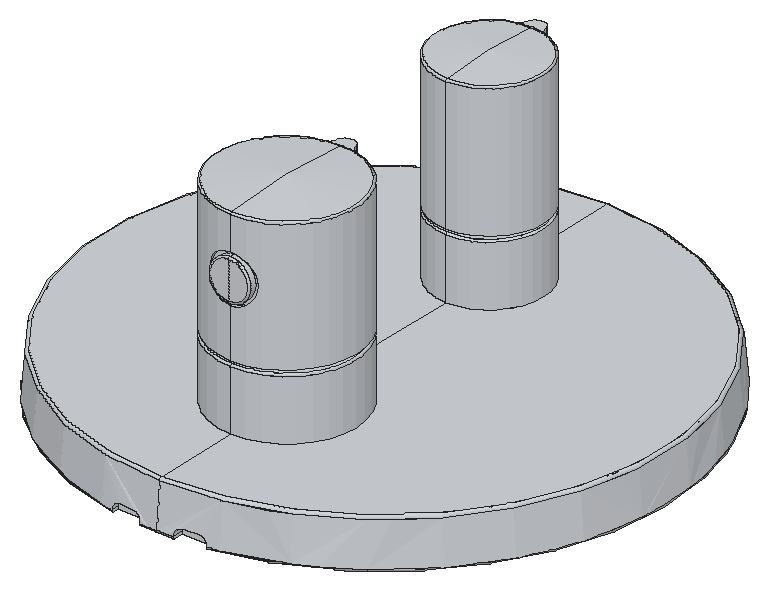
Revit family "Shower-Valve_Trim-KOHLER-AutoSense-K-20741IN", category Specialty Equipment, host Face, Revit 2017
Family settings
  Host = Face
  Round Connector Dimension = Use Diameter
  Part Type = Normal
  OmniClass Number = 23.31.25.00
  OmniClass Title = Toilet and Bath Specialties
  Cut with Voids When Loaded = No
  Shared = No
  Room Calculation Point = No
Parameters (values of type "CP- Polished Chrome")
  Width = 7 11/128"  # constant formula
  WaterSense Certified = 1 = 0  # no
  URL = "https://www.kohler.co.in/"
  Type = 5
  Product Page URL = "https://www.kohler.co.in/product-detail/20741in-9fp?skuid=K-20741IN-9FP-CP"
  Product Name = "AutoSense"  # constant formula
  Product Documentation Link = ""
  Model = if(Type = 1, "K-20741IN-9FP-AF", if(Type = 2, "K-20741IN-9FP-BL", if(Type = 3, "K-20741IN-9FP-BN", if(Type = 4, "K-20741IN-9FP-BV", if(Type = 5, "K-20741IN-9FP-CP", if(Type = 6, "K-20741IN-9FP-RGD", "NA"))))))  # "K-20741IN-9FP-CP"
  Material = "Premium Metal Construction"  # constant formula
  Master Format 2014 Name = "Toilet, Bath, and Laundry Accessories"  # constant formula
  Master Format 2014 = "10 28 00"  # constant formula
  Manufacturer Address = "Ambience Office Tower NH-8 Gurgaon / Gurugram Haryana , 122001"  # constant formula
  Manufacturer = "KOHLER Co."  # constant formula
  Length = 3 7/64"  # constant formula
  Height = 7 11/128"  # constant formula
  Finish = Kohler-Metal-CP-Polished_Chrome
  Environmental Product Declaration = ""
  Description = "Thermostatic recessed bath & shower trim"  # constant formula
  Default Elevation = 42"
  Declare Label = ""
  Date Modified = "09/16/2020"  # constant formula
  Date Created = "09/16/2020"  # constant formula
  Copyright = "Copyright KOHLER Co."  # constant formula
  Contact Us = "https://www.kohler.co.in/contact-us"
  Assembly Code = "C1030200"
  ADA Compliant = 1 = 0  # no
Types (7): name | Type | Product Page URL | Model | Finish
  (no name) | 5 | "https://www.kohler.co.in/product-detail/20741in-9fp?skuid=K-20741IN-9FP-CP" | "K-20741IN-9FP-CP" | Kohler-Metal-CP-Polished_Chrome
  AF-French Gold | 1 | "https://www.kohler.co.in/product-detail/20741in-9fp?skuid=K-20741IN-9FP-AF" | "K-20741IN-9FP-AF" | Kohler-Metal-AF-Vibrant_French_Gold
  BL- Matte Black | 2 | "" | "K-20741IN-9FP-BL" | Kohler-Metal-BL-Matte_Black
  BN-Brushed Nickel | 3 | "https://www.kohler.co.in/product-detail/20741in-9fp?skuid=K-20741IN-9FP-BN" | "K-20741IN-9FP-BN" | Kohler-Metal-BN-Vibrant_Brushed_Nickel
  BV- Brushed Bronze | 4 | "https://www.kohler.co.in/product-detail/20741in-9fp?skuid=K-20741IN-9FP-BV" | "K-20741IN-9FP-BV" | Kohler-Metal-BV-Brushed_Bronze
  CP- Polished Chrome | 5 | "https://www.kohler.co.in/product-detail/20741in-9fp?skuid=K-20741IN-9FP-CP" | "K-20741IN-9FP-CP" | Kohler-Metal-CP-Polished_Chrome
  RGD-Rose Gold | 6 | "https://www.kohler.co.in/product-detail/20741in-9fp?skuid=K-20741IN-9FP-RGD" | "K-20741IN-9FP-RGD" | Kohler-Metal-RGD-Polished_Rose_Gold
Reference planes (in)
  plane 1 "Center (Front/Back)": y = 0
  plane 2: z = 0
  plane 3 "Center (Left/Right)": x = 0
  plane 4: x = -3.54331
  plane 5: x = 3.54263
  plane 6: y = 3.54331
  plane 7: y = -3.54263
  plane 8: z = 3.10938
  plane 9: y = -1.5179
  plane 10: y = 1.63171
  plane 11: y = 2.45848
  plane 12: y = -0.49428
  plane 13: y = -2.38404
  plane 14: y = 0.96241
  plane 15: z = 0.59055
Dimensions and locks (in)
  "Width": plane 4 to plane 5
  "Height": plane 6 to plane 7
  "Length": host face to plane 8
  aligned and locked: plane 2 to host face
  aligned and locked: level to host face
Automatic sketch dimensions
  host sketch curve to host sketch curve = 96"  (x2)
Nested families (in)
  nested 1: "K-20741IN" at (0, 0, 0), type "K-20741IN"
Definition of nested family "K-20741IN"
  Parameters (values of type "K-20741IN")
    Material = none
  Reference planes (in)
    plane 1 "Center (Front/Back)": y = 0
    plane 2: z = 0
    plane 3 "Center (Left/Right)": x = 0
    plane 4: y = 3.54331
    plane 5: y = -3.54331
    plane 6: y = -1.5179
    plane 7: y = 1.63171
    plane 8: z = 3.11024
    plane 9: y = -0.49428
    plane 10: y = 2.45848
    plane 11: x = 3.54331
    plane 12: x = -3.54331
    plane 13: z = 0.59055
    plane 14: y = 0.96241
    plane 15: y = -2.38404
  Forms (in)
    Revolve 1, solid, material <- "Material", detail levels medium+fine
      sketch origin (0, 0, 0) x (0, 1, 0) y (0, 0, 1)
        loop
          line (0, 0) -> (3.52187, 0)
          arc (3.52187, 0) -> (3.53635, 0.00637) -> (3.54144, 0.02135) r 0.01964
          line (3.54144, 0.02135) -> (3.4947, 0.55553)
          arc (3.4947, 0.55553) -> (3.4824, 0.58047) -> (3.45648, 0.59055) r 0.03837
          line (3.45648, 0.59055) -> (0, 0.59055) -> (0, 0)
        axis (0, 0.59055) -> (0, 0)
      angle from 0 to 360
    Revolve 2, solid, material <- "Material", detail levels medium+fine
      sketch origin (0, 0, 0) x (0, 1, 0) y (0, 0, 1)
        loop
          line (-1.5179, 0.59055) -> (-1.5179, 3.11024)
          arc (-1.5179, 3.11024) -> (-1.94202, 3.09452) -> (-2.36471, 3.05625) r 7.9725
          arc (-2.36471, 3.05625) -> (-2.37874, 3.04894) -> (-2.38436, 3.03416) r 0.02224
          line (-2.38436, 3.03416) -> (-2.38436, 1.40945) -> (-2.29325, 1.40945) -> (-2.29325, 1.36209) -> (-2.36167, 1.36209)
          arc (-2.36167, 1.36209) -> (-2.37771, 1.35545) -> (-2.38436, 1.3394) r 0.02269
          line (-2.38436, 1.3394) -> (-2.38436, 0.59055) -> (-1.5179, 0.59055)
        axis (-1.5179, 0.59055) -> (-1.5179, 3.11024)
      angle from 0 to 360
    Revolve 3, solid, material <- "Material", detail levels medium+fine
      sketch origin (0, 0, 0) x (0, 1, 0) y (0, 0, 1)
        loop
          line (1.63171, 0.59055) -> (1.63171, 3.11024)
          arc (1.63171, 3.11024) -> (1.3062, 3.10675) -> (0.98217, 3.07551) r 3.81189
          arc (0.98217, 3.07551) -> (0.96798, 3.06782) -> (0.96232, 3.0527) r 0.02304
          line (0.96232, 3.0527) -> (0.96232, 1.40945) -> (1.05269, 1.40945) -> (1.05269, 1.3622) -> (0.98435, 1.3622) -> (0.96232, 1.34017) -> (0.96232, 0.59055) -> (1.63171, 0.59055)
        axis (1.63171, 3.11024) -> (1.63171, 0.59055)
      angle from 0 to 360
    Sweep 4, solid, material <- "Material", detail levels medium+fine
      path origin (0, 0, 0) x (0, 1, 0) y (0, 0, 1)
        loop
          line (2.45848, 3.06349) -> (2.45848, 2.01568)
          arc (2.45848, 2.01568) -> (2.43688, 1.90931) -> (2.3755, 1.8198) r 0.2727
          arc (2.3755, 1.8198) -> (2.32217, 1.74903) -> (2.29308, 1.66534) r 0.28585
      profile origin (0, 2.45848, 2.53959) x (1, 0, 0) y (0, 1, 0)
        loop
          arc (0.11494, -0.09321) -> (-0.00019, 0.00065) -> (-0.11533, -0.09321) r 0.11754
          arc (-0.11533, -0.09321) -> (-0.14662, -0.15742) -> (-0.20491, -0.19871) r 0.14407
          line (-0.20491, -0.19871) -> (0.20491, -0.19871)
          arc (0.20491, -0.19871) -> (0.14662, -0.15742) -> (0.11494, -0.09321) r 0.14407
    Sweep 5, solid, material <- "Material", detail levels medium+fine
      path origin (0, 0, 0) x (0, 1, 0) y (0, 0, 1)
        loop
          line (-0.49428, 3.04302) -> (-0.49428, 2.02014)
          arc (-0.49428, 2.02014) -> (-0.51584, 1.91437) -> (-0.57707, 1.82547) r 0.27026
          arc (-0.57707, 1.82547) -> (-0.63178, 1.75065) -> (-0.65789, 1.66171) r 0.26936
      profile origin (0, -0.49428, 2.53158) x (1, 0, 0) y (0, 1, 0)
        loop
          arc (-0.11868, -0.10354) -> (-0.14331, -0.15702) -> (-0.19399, -0.18699) r 0.09882
          line (-0.19399, -0.18699) -> (0.19399, -0.18699)
          arc (0.19399, -0.18699) -> (0.14338, -0.14701) -> (0.11432, -0.08943) r 0.14951
          arc (0.11432, -0.08943) -> (-0.008, -0.00021) -> (-0.11868, -0.10354) r 0.11884
    Revolve 6, solid, material <- "Material", detail levels medium+fine
      sketch origin (0, 0, 0) x (0, 1, 0) y (0, 0, 1)
        loop
          line (-2.14276, 2.31496) -> (-2.14276, 2.57116) -> (-2.39426, 2.57116)
          arc (-2.39426, 2.57116) -> (-2.4082, 2.56538) -> (-2.41398, 2.55144) r 0.01972
          line (-2.41398, 2.55144) -> (-2.41398, 2.31496) -> (-2.14276, 2.31496)
        axis (-2.41398, 2.31496) -> (-2.14276, 2.31496)
      angle from 0 to 360
    Extrusion 7, void, detail levels medium+fine
      sketch origin (0, 0, 0) x (1, 0, 0) y (0, 0, 1)
        loop
          circle (0, 2.31978) r 0.30043
      from 2.32308 to 2.94318
    Extrusion 8, void, detail levels medium+fine
      sketch origin (0, 0, 0) x (1, 0, 0) y (0, 0, 1)
        loop
          line (-0.58293, 0) -> (-0.20934, 0) -> (-0.20934, 0.03686)
          arc (-0.20934, 0.03686) -> (-0.23912, 0.10875) -> (-0.31101, 0.13853) r 0.10167
          line (-0.31101, 0.13853) -> (-0.48207, 0.13853)
          arc (-0.48207, 0.13853) -> (-0.55339, 0.10899) -> (-0.58293, 0.03767) r 0.10086
          line (-0.58293, 0.03767) -> (-0.58293, 0)
        loop
          line (0.58293, 0) -> (0.58293, 0.03767)
          arc (0.58293, 0.03767) -> (0.55339, 0.10899) -> (0.48207, 0.13853) r 0.10086
          line (0.48207, 0.13853) -> (0.31101, 0.13853)
          arc (0.31101, 0.13853) -> (0.23912, 0.10875) -> (0.20934, 0.03686) r 0.10167
          line (0.20934, 0.03686) -> (0.20934, 0) -> (0.58293, 0)
      from 3.4109 to 3.54331
    Extrusion 9, solid, material <- "Material", detail levels coarse
      sketch origin (0, 0, 0) x (1, 0, 0) y (0, 1, 0)
        loop
          circle (0, 0) r 3.75
      from 0 to 0.66938
    Extrusion 10, solid, material <- "Material", detail levels coarse
      sketch origin (0, 0, 0) x (1, 0, 0) y (0, 1, 0)
        loop
          circle (0, 1.63171) r 0.83622
        loop
          circle (0, -1.5179) r 1.04238
      from 0.66938 to 3.26701
  Cuts and joins
    Extrusion 7, Extrusion 8 cuts Revolve 1
    Extrusion 7 cuts Revolve 2
    Extrusion 7 cuts Revolve 3
    Extrusion 7 cuts Sweep 4
    Extrusion 7 cuts Sweep 5
    joined: Revolve 1, Revolve 2, Revolve 3, Sweep 4, Sweep 5, Revolve 6
    joined: Extrusion 9, Extrusion 10
  Lines and regions (in)
    Masking region 1
      outline origin (0, 0, 0) x (1, 0, 0) y (0, 1, 0)
        loop
          circle (0, 0) r 3.54331
    Masking region 2
      outline origin (0, 0, 0) x (1, 0, 0) y (0, 0, 1)
        loop
          line (3.54331, 0) -> (3.49476, 0.55493)
          arc (3.49476, 0.55493) -> (3.48225, 0.5803) -> (3.45588, 0.59055) r 0.03903
          line (3.45588, 0.59055) -> (0.86646, 0.59055) -> (0.86646, 1.36175) -> (0.77429, 1.36175) -> (0.77429, 1.40945) -> (0.86646, 1.40945) -> (0.86646, 3.0342)
          arc (0.86646, 3.0342) -> (0.86118, 3.04833) -> (0.84792, 3.05552) r 0.02153
          arc (0.84792, 3.05552) -> (0.42499, 3.0988) -> (0, 3.11024) r 5.66655
          arc (0, 3.11024) -> (-0.42499, 3.0988) -> (-0.84792, 3.05552) r 5.66655
          arc (-0.84792, 3.05552) -> (-0.86118, 3.04833) -> (-0.86646, 3.0342) r 0.02153
          line (-0.86646, 3.0342) -> (-0.86646, 1.40945) -> (-0.77429, 1.40945) -> (-0.77429, 1.36175) -> (-0.86646, 1.36175) -> (-0.86646, 0.59055) -> (-3.45588, 0.59055)
          arc (-3.45588, 0.59055) -> (-3.48225, 0.5803) -> (-3.49476, 0.55493) r 0.03903
          line (-3.49476, 0.55493) -> (-3.54331, 0) -> (3.54331, 0)
    Masking region 3
      outline origin (0, 0, 0) x (0, 1, 0) y (0, 0, 1)
        loop
          line (-3.54331, 0) -> (3.54331, 0) -> (3.49479, 0.55457)
          arc (3.49479, 0.55457) -> (3.48215, 0.5802) -> (3.45552, 0.59055) r 0.03942
          line (3.45552, 0.59055) -> (2.30109, 0.59055) -> (2.30109, 1.34017) -> (2.27906, 1.3622) -> (2.21072, 1.3622) -> (2.21072, 1.40945) -> (2.30109, 1.40945) -> (2.30109, 1.69407)
          arc (2.30109, 1.69407) -> (2.32929, 1.76021) -> (2.37439, 1.8162) r 0.26233
          arc (2.37439, 1.8162) -> (2.43656, 1.90485) -> (2.45848, 2.01088) r 0.26739
          line (2.45848, 2.01088) -> (2.45848, 3.04255)
          arc (2.45848, 3.04255) -> (2.45251, 3.05818) -> (2.43763, 3.06585) r 0.02344
          arc (2.43763, 3.06585) -> (2.03529, 3.09931) -> (1.63171, 3.11024) r 7.22364
          arc (1.63171, 3.11024) -> (1.30751, 3.10491) -> (0.98455, 3.07606) r 4.46146
          arc (0.98455, 3.07606) -> (0.96874, 3.06769) -> (0.96241, 3.05095) r 0.02531
          line (0.96241, 3.05095) -> (0.96232, 1.40945) -> (1.05269, 1.40945) -> (1.05269, 1.3622) -> (0.98435, 1.3622) -> (0.96232, 1.34017) -> (0.96232, 0.59055) -> (-0.65144, 0.59055) -> (-0.65144, 1.33995)
          arc (-0.65144, 1.33995) -> (-0.65785, 1.35542) -> (-0.67332, 1.36183) r 0.02188
          line (-0.67332, 1.36183) -> (-0.74261, 1.36183) -> (-0.74261, 1.4096) -> (-0.65109, 1.4096) -> (-0.65109, 1.69546)
          arc (-0.65109, 1.69546) -> (-0.62043, 1.76779) -> (-0.57242, 1.82997) r 0.30713
          arc (-0.57242, 1.82997) -> (-0.51459, 1.91648) -> (-0.49428, 2.01853) r 0.26658
          line (-0.49428, 2.01853) -> (-0.49428, 3.02196)
          arc (-0.49428, 3.02196) -> (-0.50029, 3.03764) -> (-0.51524, 3.04527) r 0.02344
          arc (-0.51524, 3.04527) -> (-1.01587, 3.0881) -> (-1.51784, 3.11023) r 12.17622
          arc (-1.51784, 3.11023) -> (-1.94135, 3.09423) -> (-2.36348, 3.05639) r 8.20448
          arc (-2.36348, 3.05639) -> (-2.37817, 3.04876) -> (-2.38406, 3.03329) r 0.02325
          line (-2.38406, 3.03329) -> (-2.38406, 2.57114)
          arc (-2.38406, 2.57114) -> (-2.40491, 2.56519) -> (-2.41397, 2.54549) r 0.02596
          line (-2.41397, 2.54549) -> (-2.41397, 2.086)
          arc (-2.41397, 2.086) -> (-2.40502, 2.06577) -> (-2.38404, 2.05877) r 0.02734
          line (-2.38404, 2.05877) -> (-2.38404, 1.4096) -> (-2.29319, 1.4096) -> (-2.29319, 1.36183) -> (-2.36248, 1.36183)
          arc (-2.36248, 1.36183) -> (-2.37795, 1.35542) -> (-2.38436, 1.33995) r 0.02188
          line (-2.38436, 1.33995) -> (-2.38436, 0.59055) -> (-3.45552, 0.59055)
          arc (-3.45552, 0.59055) -> (-3.48215, 0.5802) -> (-3.49479, 0.55457) r 0.03942
          line (-3.49479, 0.55457) -> (-3.54331, 0)
    symbolic lines, detail levels medium+fine
      curve 1: circle (0, 1.63171, 0) r 0.66938 normal (0, 0, 1)
      curve 2: arc (0.11494, 2.36527, 0) -> (-0.00019, 2.45913, 0) -> (-0.11533, 2.36527, 0) r 0.11754
      curve 3: arc (-0.11533, 2.36527, 0) -> (-0.1368, 2.31404, 0) -> (-0.17607, 2.27473, 0) r 0.14407
      curve 4: arc (0.17607, 2.27473, 0) -> (0.13678, 2.31407, 0) -> (0.11531, 2.36535, 0) r 0.14407
      curve 5: circle (0, -1.5179, 0) r 0.86646 normal (0, 0, 1)
      curve 6: arc (0.11432, -0.58371, 0) -> (-0.008, -0.49449, 0) -> (-0.11868, -0.59781, 0) r 0.11884
      curve 7: arc (-0.11868, -0.59781, 0) -> (-0.13363, -0.63865, 0) -> (-0.16465, -0.66911, 0) r 0.09882
      curve 8: arc (0.17696, -0.67159, 0) -> (0.13744, -0.6335, 0) -> (0.11432, -0.58371, 0) r 0.14951
      curve 9: line (-0.25649, -2.34553, 0) -> (-0.25649, -2.39445, 0)
      curve 10: line (-0.23696, -2.41398, 0) -> (0.23669, -2.41398, 0)
      curve 11: line (0.25623, -2.39445, 0) -> (0.25623, -2.34561, 0)
      curve 12: arc (0.23669, -2.41398, 0) -> (0.25051, -2.40826, 0) -> (0.25623, -2.39445, 0) r 0.01953
      curve 13: arc (-0.25649, -2.39445, 0) -> (-0.25077, -2.40826, 0) -> (-0.23696, -2.41398, 0) r 0.01953
      curve 14: line (-0.86646, 0, 0.59055) -> (0.86646, 0, 0.59055)
      curve 15: line (0, 2.30109, 0.59055) -> (0, 0.96241, 0.59055)
      curve 16: line (0, 2.21072, 1.3622) -> (0, 1.05269, 1.3622)
      curve 17: line (0, 1.05269, 1.40945) -> (0, 2.21072, 1.40945)
      curve 18: line (0, 2.30106, 1.69403) -> (0, 2.30106, 3.07975)
      curve 19: line (0, -0.65144, 0.59055) -> (0, -2.38436, 0.59055)
      curve 20: line (0, -0.74261, 1.36183) -> (0, -2.29319, 1.36183)
      curve 21: line (0, -0.74261, 1.4096) -> (0, -2.29319, 1.4096)
      curve 22: line (0, -0.65133, 1.69545) -> (0, -0.65133, 3.05898)
      curve 23: arc (0, -2.38436, 2.01935) -> (0, -2.33061, 2.31978) -> (0, -2.38436, 2.6202) r 0.86646
      curve 24: arc (0, -3.53626, 0) -> (0, -3.5315, 0.06627) -> (0, -3.52201, 0.13202) r 0.92685
      curve 25: arc (0, -3.52201, 0.13202) -> (0, -3.51929, 0.13669) -> (0, -3.51422, 0.13853) r 0.00792
      curve 26: arc (0, -3.51422, 0.13853) -> (0, -3.50383, 0.137) -> (0, -3.49432, 0.13255) r 0.03607
      curve 27: arc (0, -3.49432, 0.13255) -> (0, -3.48838, 0.08522) -> (0, -3.49432, 0.0379) r 0.19134
      curve 28: arc (0, -3.49432, 0.0379) -> (0, -3.49519, 0.02874) -> (0, -3.4932, 0.01976) r 0.02966
      curve 29: arc (0, -3.4932, 0.01976) -> (0, -3.48534, 0.00778) -> (0, -3.4733, 0) r 0.0347
      curve 30: line (0.66938, 0, 1.34017) -> (0.66938, 0, 0.59055)
      curve 31: line (0.66938, 0, 1.34017) -> (0.64735, 0, 1.3622)
      curve 32: line (0.64735, 0, 1.3622) -> (-0.64735, 0, 1.3622)
      curve 33: line (-0.64735, 0, 1.3622) -> (-0.66938, 0, 1.34017)
      curve 34: line (-0.66938, 0, 1.34017) -> (-0.66938, 0, 0.59055)
      curve 35: line (0.66938, 0, 1.34017) -> (-0.66938, 0, 1.34017)
      curve 36: line (0.57901, 0, 1.40945) -> (0.57901, 0, 1.3622)
      curve 37: line (-0.57901, 0, 1.40945) -> (-0.57901, 0, 1.3622)
      curve 38: line (0.57901, 0, 1.40945) -> (0.66938, 0, 1.40945)
      curve 39: line (0.66938, 0, 1.40945) -> (0.66938, 0, 3.0342)
      curve 40: line (-0.57901, 0, 1.40945) -> (-0.66938, 0, 1.40945)
      curve 41: line (-0.66938, 0, 1.40945) -> (-0.66938, 0, 3.0342)
      curve 42: line (0.57901, 0, 1.40945) -> (-0.57901, 0, 1.40945)
      curve 43: line (0.86646, 0, 3.0342) -> (0.66938, 0, 3.0342)
      curve 44: arc (0.66938, 0, 3.0342) -> (0.66354, 0, 3.05725) -> (0.64742, 0, 3.07473) r 0.04838
      curve 45: arc (-0.66938, 0, 3.0342) -> (-0.66354, 0, 3.05725) -> (-0.64742, 0, 3.07473) r 0.04838
      curve 46: line (-0.66938, 0, 3.0342) -> (-0.86646, 0, 3.0342)
      curve 47: line (0.64742, 0, 3.07473) -> (-0.64742, 0, 3.07473)
      curve 48: line (0.1698, 0, 3.07473) -> (0.1698, 0, 2.01568)
      curve 49: arc (0.1698, 0, 2.01568) -> (0.13934, 0, 1.85669) -> (0.05228, 0, 1.72022) r 0.43018
      curve 50: arc (0.05228, 0, 1.72022) -> (0.02845, 0, 1.70254) -> (0, 0, 1.69414) r 0.08497
      curve 51: line (-0.1698, 0, 3.07473) -> (-0.1698, 0, 2.01568)
      curve 52: arc (-0.1698, 0, 2.01568) -> (-0.13934, 0, 1.85669) -> (-0.05228, 0, 1.72022) r 0.43018
      curve 53: arc (-0.05228, 0, 1.72022) -> (-0.02845, 0, 1.70254) -> (0, 0, 1.69414) r 0.08497
      curve 54: line (0, 2.30106, 3.07975) -> (0, 1.01461, 3.07975)
      curve 55: line (0, -0.65133, 3.05898) -> (0, -2.34083, 3.05898)
      curve 56: line (0.66938, 0, 1.40945) -> (0.77429, 0, 1.40945)
      curve 57: line (0.77429, 0, 1.36175) -> (0.64735, 0, 1.3622)
      curve 58: line (-0.77429, 0, 1.36175) -> (-0.64735, 0, 1.3622)
      curve 59: line (-0.77429, 0, 1.40945) -> (-0.66938, 0, 1.40945)
  Dimensions and locks (in)
    aligned and locked: plane 2 to level
